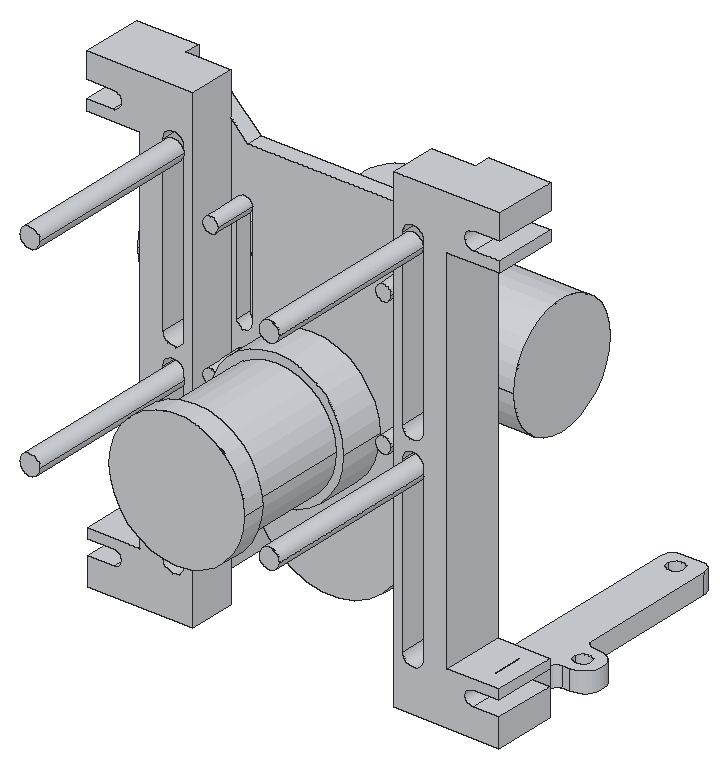
Revit family "837-Water Closet Carrier", category Generic Models, Revit 2022
Family settings
  Can host rebar = No
  Round Connector Dimension = Use Diameter
  Part Type = Normal
  Work Plane-Based = No
  Always vertical = Yes
  Cut with Voids When Loaded = No
  Maintain Annotation Orientation = No
  Shared = No
  Room Calculation Point = No
Parameters (values of type "837-PHSR")
  URL = "www.SiouxChief.com"
  Right Visibility = yes
  Model = "837-PHSR"
  Manufacturer = "Sioux Chief"
  Left Visibility = no
  Description = "Water Closet Carrier"
  Default Elevation = 0' - 0"
Types (2): name | Right Visibility | Model | Left Visibility
  837-PHSL | no | "837-PHSL" | yes
  837-PHSR | yes | "837-PHSR" | no
Reference planes (in)
  plane 1 "Center (Front/Back)": y = 0
  plane 2: z = 0
  plane 3 "Center (Left/Right)": x = 0
Forms (in)
  Extrusion 1, solid
    sketch origin (29.35983, 0, 0) x (1, 0, 0) y (0, 0, 1)
      loop
        line (-25.55375, 18.07992) -> (-25.55375, 0) -> (-21.60063, 0) -> (-21.60063, 1.0498) -> (-22.585, 1.0498)
        arc (-22.585, 1.0498) -> (-22.87278, 1.33758) -> (-22.585, 1.62536) r 0.28778
        line (-22.585, 1.62536) -> (-21.60063, 1.62536) -> (-21.60063, 1.99499) -> (-23.55636, 1.99499) -> (-23.55636, 16.05749) -> (-21.55944, 16.05749) -> (-21.55944, 16.47937) -> (-22.55089, 16.47937)
        arc (-22.55089, 16.47937) -> (-22.87888, 16.80735) -> (-22.55089, 17.13534) r 0.32798
        line (-22.55089, 17.13534) -> (-21.55944, 17.13534) -> (-21.55944, 18.07992) -> (-25.55375, 18.07992)
    from 0 to 2.375
  Extrusion 2, void
    sketch origin (29.35983, 0, 0) x (1, 0, 0) y (0, 0, 1)
      loop
        line (-24.44069, 1.98091) -> (-24.44069, 8.48091)
        arc (-24.44069, 8.48091) -> (-24.83773, 8.87795) -> (-25.23477, 8.48091) r 0.39704
        line (-25.23477, 8.48091) -> (-25.23477, 1.98091)
        arc (-25.23477, 1.98091) -> (-24.83773, 1.58387) -> (-24.44069, 1.98091) r 0.39704
    from 0 to 2.375
  Extrusion 3, void
    sketch origin (29.35983, 0, 7.6875) x (1, 0, 0) y (0, 0, 1)
      loop
        line (-24.44069, 2.16841) -> (-24.44069, 8.48091)
        arc (-24.44069, 8.48091) -> (-24.83773, 8.87795) -> (-25.23477, 8.48091) r 0.39704
        line (-25.23477, 8.48091) -> (-25.23477, 2.16841)
        arc (-25.23477, 2.16841) -> (-24.83773, 1.77137) -> (-24.44069, 2.16841) r 0.39704
    from -3.67281 to 2.375
  Extrusion 4, solid
    sketch origin (29.35983, 0, 0) x (1, 0, 0) y (0, 0, 1)
      loop
        line (-26.22218, 15.81936) -> (-32.47218, 15.81936) -> (-33.5575, 16.90467)
        arc (-33.5575, 16.90467) -> (-33.87551, 17.0364) -> (-34.19352, 16.90467) r 0.44973
        line (-34.19352, 16.90467) -> (-34.54597, 16.55222) -> (-34.54597, 6.30222) -> (-33.54597, 6.30222) -> (-33.54597, 4.63026)
        arc (-33.54597, 4.63026) -> (-33.04101, 4.04364) -> (-32.26816, 4.00115) r 0.98779
        arc (-32.26816, 4.00115) -> (-29.35321, 1.66978) -> (-26.44342, 4.00758) r 2.98387
        arc (-26.44342, 4.00758) -> (-25.66161, 4.03961) -> (-25.14839, 4.63026) r 0.98779
        line (-25.14839, 4.63026) -> (-25.14839, 6.30222) -> (-24.14839, 6.30222) -> (-24.14839, 16.55222) -> (-24.50084, 16.90467)
        arc (-24.50084, 16.90467) -> (-24.81885, 17.0364) -> (-25.13686, 16.90467) r 0.44973
        line (-25.13686, 16.90467) -> (-26.22218, 15.81936)
    from 0 to 0.6
  Extrusion 5, void
    sketch origin (29.35983, 0, 0.09375) x (1, 0, 0) y (0, 0, 1)
      loop
        arc (-25.80547, 13.63474) -> (-26.09194, 13.92121) -> (-26.37841, 13.63474) r 0.28647
        line (-26.37841, 13.63474) -> (-26.37841, 9.66599)
        arc (-26.37841, 9.66599) -> (-26.09194, 9.37952) -> (-25.80547, 9.66599) r 0.28647
        line (-25.80547, 9.66599) -> (-25.80547, 13.63474)
    from 0 to 0.6
  Extrusion 6, void
    sketch origin (-29.33453, 0, 0.09375) x (-1, 0, 0) y (0, 0, -1)
      loop
        line (-25.80547, -13.63474) -> (-25.80547, -9.66599)
        arc (-25.80547, -9.66599) -> (-26.09194, -9.37952) -> (-26.37841, -9.66599) r 0.28647
        line (-26.37841, -9.66599) -> (-26.37841, -13.63474)
        arc (-26.37841, -13.63474) -> (-26.09194, -13.92121) -> (-25.80547, -13.63474) r 0.28647
    from 0 to 0.6
  Extrusion 7, void
    sketch origin (29.35983, 0, -5.02197) x (1, 0, 0) y (0, 0, 1)
      loop
        arc (-25.80547, 13.63474) -> (-26.09194, 13.92121) -> (-26.37841, 13.63474) r 0.28647
        line (-26.37841, 13.63474) -> (-26.37841, 9.66599)
        arc (-26.37841, 9.66599) -> (-26.09194, 9.37952) -> (-25.80547, 9.66599) r 0.28647
        line (-25.80547, 9.66599) -> (-25.80547, 13.63474)
    from 0 to 0.6
  Extrusion 8, void
    sketch origin (-29.33453, 0, -5.02197) x (-1, 0, 0) y (0, 0, -1)
      loop
        line (-25.80547, -13.63474) -> (-25.80547, -9.66599)
        arc (-25.80547, -9.66599) -> (-26.09194, -9.37952) -> (-26.37841, -9.66599) r 0.28647
        line (-26.37841, -9.66599) -> (-26.37841, -13.63474)
        arc (-26.37841, -13.63474) -> (-26.09194, -13.92121) -> (-25.80547, -13.63474) r 0.28647
    from 0 to 0.6
  Extrusion 9, void
    sketch origin (29.35983, 0, 0) x (1, 0, 0) y (0, 1, 0)
      loop
        line (-23.88448, 0) -> (-25.55375, 0) -> (-25.55375, -0.6) -> (-23.88448, -0.6) -> (-23.88448, 0)
    from 0 to 18.07992
  Extrusion 10, solid
    sketch origin (29.35983, 0, 0) x (1, 0, 0) y (0, 1, 0)
      loop
        line (-34.52039, -1.18005) -> (-34.52039, 8.60776)
        arc (-34.52039, 8.60776) -> (-34.623, 8.88969) -> (-34.88283, 9.0397) r 0.4386
        line (-34.88283, 9.0397) -> (-35.79158, 9.0397)
        arc (-35.79158, 9.0397) -> (-36.05141, 8.88969) -> (-36.15402, 8.60776) r 0.4386
        line (-36.15402, 8.60776) -> (-36.15402, 3.19865)
        arc (-36.15402, 3.19865) -> (-36.30981, 3.05423) -> (-36.51569, 3.00183) r 0.43072
        line (-36.51569, 3.00183) -> (-36.67281, 3.00183)
        arc (-36.67281, 3.00183) -> (-37.36919, 2.30545) -> (-36.67281, 1.60907) r 0.69638
        line (-36.67281, 1.60907) -> (-36.39227, 1.60907)
        arc (-36.39227, 1.60907) -> (-36.21369, 1.5351) -> (-36.13972, 1.35652) r 0.25255
        line (-36.13972, 1.35652) -> (-36.13972, -1.18005) -> (-34.52039, -1.18005)
    from 0 to 0.75
  Extrusion 11, void
    sketch origin (29.35983, 0, 0) x (1, 0, 0) y (0, 1, 0)
      loop
        circle (-35.3132, 8.35995) r 0.31346
    from 0 to 12
  Extrusion 12, void
    sketch origin (28.0135, -6.06655, 0) x (1, 0, 0) y (0, 1, 0)
      loop
        circle (-35.3132, 8.35995) r 0.31346
    from 0 to 12
  Extrusion 13, solid
    sketch origin (-29.4455, 0, 0) x (-1, 0, 0) y (0, -1, 0)
      loop
        line (-34.52039, 1.18005) -> (-36.13972, 1.18005) -> (-36.13972, -1.35652)
        arc (-36.13972, -1.35652) -> (-36.21369, -1.5351) -> (-36.39227, -1.60907) r 0.25255
        line (-36.39227, -1.60907) -> (-36.67281, -1.60907)
        arc (-36.67281, -1.60907) -> (-37.36919, -2.30545) -> (-36.67281, -3.00183) r 0.69638
        line (-36.67281, -3.00183) -> (-36.51569, -3.00183)
        arc (-36.51569, -3.00183) -> (-36.30981, -3.05423) -> (-36.15402, -3.19865) r 0.43072
        line (-36.15402, -3.19865) -> (-36.15402, -8.60776)
        arc (-36.15402, -8.60776) -> (-36.05141, -8.88969) -> (-35.79158, -9.0397) r 0.4386
        line (-35.79158, -9.0397) -> (-34.88283, -9.0397)
        arc (-34.88283, -9.0397) -> (-34.623, -8.88969) -> (-34.52039, -8.60776) r 0.4386
        line (-34.52039, -8.60776) -> (-34.52039, 1.18005)
    from 0 to 0.75
  Extrusion 14, void
    sketch origin (-29.47675, 0, 0) x (-1, 0, 0) y (0, -1, 0)
      loop
        circle (-35.3132, -8.35995) r 0.31346
    from 0 to 12
  Extrusion 15, void
    sketch origin (-28.13043, -6.06655, 0) x (-1, 0, 0) y (0, -1, 0)
      loop
        circle (-35.3132, -8.35995) r 0.31346
    from 0 to 12
  Extrusion 16, solid
    sketch origin (-29.33453, 0, 0) x (-1, 0, 0) y (0, 0, -1)
      loop
        line (-25.55375, -18.07992) -> (-21.55944, -18.07992) -> (-21.55944, -17.13534) -> (-22.55089, -17.13534)
        arc (-22.55089, -17.13534) -> (-22.87888, -16.80735) -> (-22.55089, -16.47937) r 0.32798
        line (-22.55089, -16.47937) -> (-21.55944, -16.47937) -> (-21.55944, -16.05749) -> (-23.55636, -16.05749) -> (-23.55636, -1.99499) -> (-21.60063, -1.99499) -> (-21.60063, -1.62536) -> (-22.585, -1.62536)
        arc (-22.585, -1.62536) -> (-22.87278, -1.33758) -> (-22.585, -1.0498) r 0.28778
        line (-22.585, -1.0498) -> (-21.60063, -1.0498) -> (-21.60063, 0) -> (-25.55375, 0) -> (-25.55375, -18.07992)
    from 0 to 2.375
  Extrusion 17, void
    sketch origin (-29.33453, 0, 0) x (-1, 0, 0) y (0, 0, -1)
      loop
        arc (-24.44069, -1.98091) -> (-24.83773, -1.58387) -> (-25.23477, -1.98091) r 0.39704
        line (-25.23477, -1.98091) -> (-25.23477, -8.48091)
        arc (-25.23477, -8.48091) -> (-24.83773, -8.87795) -> (-24.44069, -8.48091) r 0.39704
        line (-24.44069, -8.48091) -> (-24.44069, -1.98091)
    from -3.67281 to 5.86843
  Extrusion 18, void
    sketch origin (-29.33453, 0, 7.6875) x (-1, 0, 0) y (0, 0, -1)
      loop
        arc (-24.44069, -2.16841) -> (-24.83773, -1.77137) -> (-25.23477, -2.16841) r 0.39704
        line (-25.23477, -2.16841) -> (-25.23477, -8.48091)
        arc (-25.23477, -8.48091) -> (-24.83773, -8.87795) -> (-24.44069, -8.48091) r 0.39704
        line (-24.44069, -8.48091) -> (-24.44069, -2.16841)
    from 0 to 2.375
  Extrusion 19, void
    sketch origin (-29.33453, 0, 0) x (-1, 0, 0) y (0, -1, 0)
      loop
        line (-23.88448, 0) -> (-23.88448, 0.6) -> (-25.55375, 0.6) -> (-25.55375, 0) -> (-23.88448, 0)
    from 0 to 18.07992
  Extrusion 20, void
    sketch origin (-29.35175, 0, 0) x (-1, 0, 0) y (0, -1, 0)
      loop
        line (-23.88448, 0) -> (-23.88448, 0.6) -> (-25.55375, 0.6) -> (-25.55375, 0) -> (-23.88448, 0)
    from 0 to 18.07992
  Extrusion 21, solid
    sketch origin (29.29733, 0, 0) x (1, 0, 0) y (0, 0, 1)
      loop
        circle (-29.29733, 8.39968) r 2.56113
    from 0.6 to 3.16654
  Extrusion 22, solid
    sketch origin (29.29733, -3.16654, 0) x (1, 0, 0) y (0, 0, 1)
      loop
        circle (-29.29733, 8.39831) r 2.25
    from 0 to 3.85383
  Extrusion 23, solid
    sketch origin (29.29733, -7.02036, 0) x (1, 0, 0) y (0, 0, 1)
      loop
        circle (-29.29733, 8.39968) r 2.56113
    from 0 to 0.81425
  Extrusion 24, solid
    sketch origin (29.29733, -7.02036, 0) x (1, 0, 0) y (0, 0, 1)
      loop
        circle (-32.54098, 8.58566) r 0.28881
    from -6.42036 to -4.822
  Extrusion 25, solid
    sketch origin (-29.27203, -7.02036, 0) x (-1, 0, 0) y (0, 0, -1)
      loop
        circle (-32.54098, -8.58566) r 0.28881
    from -6.42036 to -4.822
  Extrusion 26, solid
    sketch origin (29.29733, -7.02036, 5.14049) x (1, 0, 0) y (0, 0, 1)
      loop
        circle (-32.54098, 8.58566) r 0.28881
    from -6.42036 to -4.822
  Extrusion 27, solid
    sketch origin (-29.27203, -7.02036, 5.14049) x (-1, 0, 0) y (0, 0, -1)
      loop
        circle (-32.54098, -8.58566) r 0.28881
    from -6.42036 to -4.822
  Extrusion 28, solid
    sketch origin (29.29733, -7.02036, 0) x (1, 0, 0) y (0, 0, 1)
      loop
        circle (-33.79413, 15.9092) r 0.375
    from -6.42036 to 2.12187
  Extrusion 29, solid
    sketch origin (-29.27203, -7.02036, 0) x (-1, 0, 0) y (0, 0, -1)
      loop
        circle (-33.79413, -15.9092) r 0.375
    from -6.42036 to 2.12187
  Extrusion 30, solid
    sketch origin (29.29733, -7.02036, -7.66798) x (1, 0, 0) y (0, 0, 1)
      loop
        circle (-33.79413, 15.9092) r 0.375
    from -6.42036 to 2.12187
  Extrusion 31, solid
    sketch origin (-29.27203, -7.02036, -7.66798) x (-1, 0, 0) y (0, 0, -1)
      loop
        circle (-33.79413, -15.9092) r 0.375
    from -6.42036 to 2.12187
  Extrusion 32, solid, visible <- "Left Visibility"
    sketch origin (-3.80649, 11.38003, 47.6875) x (0, 1, 0) y (0, 0, 1)
      loop
        circle (-5.85753, -39.60192) r 2.25
    from 0 to 14.16252
  Extrusion 33, solid, visible <- "Left Visibility"
    sketch origin (29.35983, 0, 0) x (1, 0, 0) y (0, 1, 0)
      loop
        circle (-26.95383, 5.55972) r 1.25
    from 8.44383 to 12
  Extrusion 34, solid
    sketch origin (1.04733, 0.75, -20) x (1, 0, 0) y (0, 0, 1)
      loop
        line (-1.61981, 33.9666) -> (-4.27575, 32.94708)
        arc (-4.27575, 32.94708) -> (-4.69395, 32.50263) -> (-4.60661, 31.89865) r 0.70254
        line (-4.60661, 31.89865) -> (-3.92852, 30.72416) -> (-3.92852, 28.47416) -> (-4.39189, 28.0108) -> (-4.39189, 27.16369) -> (-4.65094, 26.90463) -> (-4.65094, 26.23971) -> (-1.65504, 24.8427)
        arc (-1.65504, 24.8427) -> (-0.93252, 24.68252) -> (-0.21, 24.8427) r 1.70962
        line (-0.21, 24.8427) -> (2.7859, 26.23971) -> (2.7859, 26.90463) -> (2.52685, 27.16369) -> (2.52685, 28.0108) -> (2.06349, 28.47416) -> (2.06349, 30.72416) -> (2.74158, 31.89865)
        arc (2.74158, 31.89865) -> (2.82891, 32.50263) -> (2.41071, 32.94708) r 0.70254
        line (2.41071, 32.94708) -> (-0.24523, 33.9666)
        arc (-0.24523, 33.9666) -> (-0.93252, 34.09398) -> (-1.61981, 33.9666) r 1.91784
    from 0 to 0.75
  Revolve 35, solid
    sketch origin (1.04733, 0.75, -19.75) x (1, 0, 0) y (0, 0, 1)
      loop
        line (-2.79062, 31.81317) -> (-2.79062, 27.12567)
        arc (-2.79062, 27.12567) -> (-2.14254, 26.01922) -> (-0.93252, 25.59486) r 1.8605
        line (-0.93252, 25.59486) -> (-0.93252, 33.34398)
        arc (-0.93252, 33.34398) -> (-2.14254, 32.91962) -> (-2.79062, 31.81317) r 1.8605
      axis (-0.93252, 33.34398) -> (-0.93252, 25.59486)
    angle from 0 to 360
  Extrusion 36, void
    sketch origin (1.10983, 7.77036, -20) x (1, 0, 0) y (0, 1, 0)
      loop
        line (-3.99102, -7.77036) -> (-3.99102, -9.27036) -> (2.00898, -9.27036) -> (2.00898, -7.77036) -> (-3.99102, -7.77036)
    from 25.0539 to 34.06144
  Extrusion 37, void
    sketch origin (29.35983, 0, 7.66798) x (1, 0, 0) y (0, 0, 1)
      loop
        line (-24.44069, 1.98091) -> (-24.44069, 8.48091)
        arc (-24.44069, 8.48091) -> (-24.83773, 8.87795) -> (-25.23477, 8.48091) r 0.39704
        line (-25.23477, 8.48091) -> (-25.23477, 1.98091)
        arc (-25.23477, 1.98091) -> (-24.83773, 1.58387) -> (-24.44069, 1.98091) r 0.39704
    from 0 to 2.375
  Extrusion 38, void
    sketch origin (-29.33453, 0, 7.66798) x (-1, 0, 0) y (0, 0, -1)
      loop
        arc (-24.44069, -1.98091) -> (-24.83773, -1.58387) -> (-25.23477, -1.98091) r 0.39704
        line (-25.23477, -1.98091) -> (-25.23477, -8.48091)
        arc (-25.23477, -8.48091) -> (-24.83773, -8.87795) -> (-24.44069, -8.48091) r 0.39704
        line (-24.44069, -8.48091) -> (-24.44069, -1.98091)
    from 0 to 2.375
  Extrusion 39, solid, visible <- "Left Visibility"
    sketch origin (-6.91756, 3.55969, 47.3125) x (-0.5, 0.866025, 0) y (0, 0, 1)
      loop
        circle (-5.85753, -39.60192) r 1.75
    from 5.05662 to 13.60008
  Extrusion 40, solid, visible <- "Right Visibility"
    sketch origin (3.80649, 11.38003, 47.6875) x (0, 1, 0) y (0, 0, -1)
      loop
        circle (-5.85753, 39.60192) r 2.25
    from 0 to 14.16252
  Extrusion 41, solid, visible <- "Right Visibility"
    sketch origin (-29.35983, 0, 0) x (-1, 0, 0) y (0, -1, 0)
      loop
        circle (-26.95383, -5.55972) r 1.25
    from 8.44383 to 12
  Extrusion 42, solid, visible <- "Right Visibility"
    sketch origin (6.91756, 3.55969, 47.3125) x (0.5, 0.866025, 0) y (0, 0, -1)
      loop
        circle (-5.85753, 39.60192) r 1.75
    from 5.05662 to 13.60008
Cuts and joins
  Extrusion 2, Extrusion 9, Extrusion 37 cuts Extrusion 1
  Extrusion 2, Extrusion 5, Extrusion 6, Extrusion 7, Extrusion 8, Extrusion 37, Extrusion 38 cuts Extrusion 4
  Extrusion 3 cuts Extrusion 29
  Extrusion 5 cuts Extrusion 34
  Extrusion 14, Extrusion 15 cuts Extrusion 13
  Extrusion 11, Extrusion 12 cuts Extrusion 10
  Extrusion 17, Extrusion 19, Extrusion 20, Extrusion 38 cuts Extrusion 16
  Extrusion 18 cuts Extrusion 28
  Extrusion 36 cuts Extrusion 21
  Extrusion 36 cuts Extrusion 25
  Extrusion 36 cuts Extrusion 27
  Extrusion 36 cuts Revolve 35
  Extrusion 37 cuts Extrusion 31
  Extrusion 38 cuts Extrusion 30
Dimensions and locks (in)
  aligned and locked: plane 2 to level
  aligned and locked: Extrusion 4 to Extrusion 6
  aligned and locked: Extrusion 4 to Extrusion 8
  aligned and locked: Extrusion 4 to Extrusion 5
  aligned and locked: Extrusion 4 to Extrusion 7
  aligned and locked: Extrusion 1 to Extrusion 9
  aligned and locked: Extrusion 9 to Extrusion 1
  aligned and locked: Extrusion 16 to Extrusion 19
  aligned and locked: Extrusion 19 to Extrusion 16
  aligned and locked: Extrusion 22 to Extrusion 21
  aligned and locked: Extrusion 23 to Extrusion 22
  aligned and locked: Extrusion 24 to Extrusion 26
  aligned and locked: Extrusion 25 to Extrusion 27
  aligned and locked: Extrusion 28 to Extrusion 29
  aligned and locked: Extrusion 28 to Extrusion 31
  aligned and locked: Extrusion 30 to Extrusion 28
  aligned and locked: Extrusion 34 to Extrusion 36 sketch curve
  aligned and locked: Extrusion 36 sketch curve to Extrusion 34
  aligned and locked: cut or joined group of Extrusion 1, Extrusion 2, Extrusion 9, Extrusion 37 to Extrusion 18
  aligned and locked: cut or joined group of Extrusion 1, Extrusion 2, Extrusion 9, Extrusion 37 to Extrusion 37  (x2)
  aligned and locked: Extrusion 38 to plane 1 "Center (Front/Back)"
  aligned and locked: Extrusion 38 to cut or joined group of Extrusion 1, Extrusion 2, Extrusion 9, Extrusion 37
  aligned and locked: Extrusion 2 to plane 1 "Center (Front/Back)"
  aligned and locked: Extrusion 1 to Extrusion 2
Connectors (in)
  piping at (0, -7.83461, 8.39968), diameter 4
    settings: on Extrusion 23, index 4, connector inside diameter 24", connector length 0' - 0", flow factor 0, pipe flow 0 GPM, pressure drop 0.00 psi, fitting loss kfactor 0, connector angle 0.00°, fixture units 0, engagement length 0' - 0", angle of deflection 0.00°, flow configuration 0, flow direction 1, fitting loss method 0, system type 17, joint type 0, gender type 0, connector reference index -1, connector utility 0, adjustable connector no, is connector primary yes, connector description "4\" Plastic Closet Coupling"
  piping at (-2.406, 5.55972, 12), diameter 2
    settings: on Extrusion 41, index 5, connector inside diameter 24", connector length 0' - 0", flow factor 0, pipe flow 0 GPM, pressure drop 0.00 psi, fitting loss kfactor 0, connector angle 0.00°, fixture units 0, engagement length 0' - 0", angle of deflection 0.00°, flow configuration 0, flow direction 2, fitting loss method 0, system type 17, joint type 0, gender type 0, connector reference index -1, connector utility 0, adjustable connector no, is connector primary no, connector description "2\" Schedule 40 Hub"
  piping at (2.406, 5.55972, 12), diameter 2
    settings: on Extrusion 33, index 6, connector inside diameter 24", connector length 0' - 0", flow factor 0, pipe flow 0 GPM, pressure drop 0.00 psi, fitting loss kfactor 0, connector angle 0.00°, fixture units 0, engagement length 0' - 0", angle of deflection 0.00°, flow configuration 0, flow direction 2, fitting loss method 0, system type 17, joint type 0, gender type 0, connector reference index -1, connector utility 0, adjustable connector no, is connector primary no, connector description "2\" Schedule 40 Hub"
  piping at (-10.35603, 5.5225, 8.08558), diameter 4
    settings: on Extrusion 40, index 7, connector inside diameter 24", connector length 0' - 0", flow factor 0, pipe flow 0 GPM, pressure drop 0.00 psi, fitting loss kfactor 0, connector angle 0.00°, fixture units 0, engagement length 0' - 0", angle of deflection 0.00°, flow configuration 0, flow direction 2, fitting loss method 0, system type 16, joint type 0, gender type 0, connector reference index -1, connector utility 0, adjustable connector no, is connector primary no, connector description "4\" PVC Schedule 40 Spigot Connection"
  piping at (-3.80649, 5.5225, 8.08558), diameter 4
    settings: on Extrusion 32, index 8, connector inside diameter 24", connector length 0' - 0", flow factor 0, pipe flow 0 GPM, pressure drop 0.00 psi, fitting loss kfactor 0, connector angle 0.00°, fixture units 0, engagement length 0' - 0", angle of deflection 0.00°, flow configuration 0, flow direction 1, fitting loss method 0, system type 16, joint type 0, gender type 0, connector reference index -1, connector utility 0, adjustable connector no, is connector primary no, connector description "4\" PVC Schedule 40 Spigot Connection"
  piping at (3.80649, 5.5225, 8.08558), diameter 4
    settings: on Extrusion 40, index 9, connector inside diameter 24", connector length 0' - 0", flow factor 0, pipe flow 0 GPM, pressure drop 0.00 psi, fitting loss kfactor 0, connector angle 0.00°, fixture units 0, engagement length 0' - 0", angle of deflection 0.00°, flow configuration 0, flow direction 1, fitting loss method 0, system type 16, joint type 0, gender type 0, connector reference index -1, connector utility 0, adjustable connector no, is connector primary no, connector description "4\" PVC Schedule 40 Spigot Connection"
  piping at (10.35603, 5.5225, 8.08558), diameter 4
    settings: on Extrusion 32, index 10, connector inside diameter 24", connector length 0' - 0", flow factor 0, pipe flow 0 GPM, pressure drop 0.00 psi, fitting loss kfactor 0, connector angle 0.00°, fixture units 0, engagement length 0' - 0", angle of deflection 0.00°, flow configuration 0, flow direction 2, fitting loss method 0, system type 16, joint type 0, gender type 0, connector reference index -1, connector utility 0, adjustable connector no, is connector primary no, connector description "4\" PVC Schedule 40 Spigot Connection"
